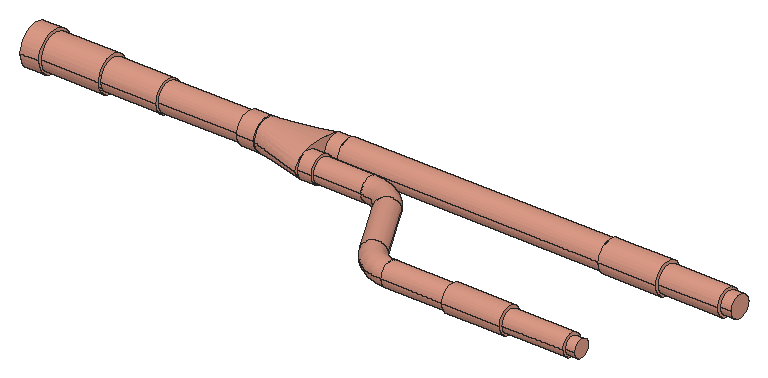
Revit family "outputfile", category 配管付属品, Revit 2024
Family settings
  丸型コネクタ寸法 = 半径を使用
  パーツ タイプ = 標準
  OmniClass 番号 = 23.65.55.00
  OmniClass タイトル = Distribution of Supplied Liquids/Gases
  作業面ベース = いいえ
  常に垂直 = はい
  ロード時にボイドで切り取り = いいえ
  共有 = いいえ
Parameters (values of type "KHRP25A72T + KHRP25M72TP")
  Description = ""
  製造元 = "Daikin"
  書き出し IFC クラス(タイプ) = "IfcPipeFittingType"
  定義済み IFC タイプ(タイプ) = "JUNCTION"
  Cost = 0
  Type Comments = ""
  Keynote = ""
  Type Image = (empty or 0)
  Assembly Code = ""
  mm⇔inch [instance] = yes
  Default Elevation = 0.0 mm
  モデル = "KHRP25A72T + KHRP25M72TP"
  table_StraightPipe [instance] = if(mm⇔inch, "Refnet Joint_KHRP25A-T_HPLPGas_StraightPipe", "Refnet Joint_KHRP25A-T_HPLPGas_StraightPipe_inch")  # "Refnet Joint_KHRP25A-T_HPLPGas_StraightPipe"
  table_BranchPipe [instance] = if(mm⇔inch, "Refnet Joint_KHRP25A-T_HPLPGas_BranchPipe", "Refnet Joint_KHRP25A-T_HPLPGas_BranchPipe_inch")  # "Refnet Joint_KHRP25A-T_HPLPGas_BranchPipe"
  table_Inlet [instance] = if(mm⇔inch, "Refnet Joint_KHRP25A-T_HPLPGas_Inlet", "Refnet Joint_KHRP25A-T_HPLPGas_Inlet_inch")  # "Refnet Joint_KHRP25A-T_HPLPGas_Inlet"
  switch_StraightPipe_Reducer [instance] = if(Is_StraightPipe Reducer = 1, 1 = 1, 1 = 0)  # no
  switch_StraightPipe3 [instance] = if(number_StraightPipe = 3, 1 = 1, 1 = 0)  # yes
  switch_StraightPipe2 [instance] = if(number_StraightPipe < 2, 1 = 0, 1 = 1)  # yes
  switch_BranchPipe_Reducer [instance] = if(Is_BranchPipe Reducer = 1, 1 = 1, 1 = 0)  # no
  switch_BranchPipe3 [instance] = if(number_BranchPipe = 3, 1 = 1, 1 = 0)  # yes
  switch_BranchPipe2 [instance] = if(number_BranchPipe < 2, 1 = 0, 1 = 1)  # yes
  switch_Inlet pipe_Reducer [instance] = if(Is_Inlet Reducer = 1, 1 = 1, 1 = 0)  # no
  switch_Inlet pipe3 [instance] = if(number_InletPipe = 3, 1 = 1, 1 = 0)  # yes
  switch_Inlet pipe2 [instance] = if(number_InletPipe < 2, 1 = 0, 1 = 1)  # yes
  Uniclass2015Version = "Products v1.31"
  Uniclass2015Title = "Copper pipe fittings"
  Uniclass2015Code = "Pr_65_52_63_18"
  URL = ""
  StraightPipe_HP/LP Gas_ActualDiameter [instance] = 12.7 mm
  Material_Piping = DAIKIN_Copper_Pipe
  Material_Insulation = DAIKIN_White_Insulation
  lw_Insulation [instance] = size_lookup(table_Inlet, "lw_Insulation", 60.0 mm, モデル)  # 66.0 mm
  Unit Type = "KHRP25A-T_HPLPGas"
  Tag No. [instance] = ""
  StraightPipe_HP/LP Gas_Status [instance] = size_lookup(table_StraightPipe, "Information", "The connected pipe size is not available.", モデル, [StraightPipe_HP/LP Gas_ActualDiameter])  # "Default connector size is used."
  Link_Nested Family [instance] = ""
  Inlet_HP/LP Gas_Actual Diameter [instance] = 25.4 mm
  IfcVersion = ""
  IfcExportType = "JUNCTION"
  IfcExportAs = "IfcPipeFittingType"
  BranchPipe_HP/LP Gas_Status [instance] = size_lookup(table_BranchPipe, "Information", "The connected pipe size is not available.", モデル, [BranchPipe_HP/LP Gas_ActualDiameter])  # "Default connector size is used."
  Inlet_HP/LP Gas_Status [instance] = size_lookup(table_Inlet, "Information", "The connected pipe size is not available.", モデル, [Inlet_HP/LP Gas_Actual Diameter])  # "Default connector size is used."
  Series = "Refnet Joint"
  O.R_dividePipe_Inlet [instance] = (I.D_InletPipe1 + 2.0 mm) / 2  # 10.55 mm
  r_StraightPipe_Connector [instance] = [StraightPipe_HP/LP Gas_ActualDiameter] / 2  # 6.35 mm
  r_BranchPipe_Connector [instance] = [BranchPipe_HP/LP Gas_ActualDiameter] / 2  # 4.75 mm
  r_Inlet_Connector [instance] = [Inlet_HP/LP Gas_Actual Diameter] / 2  # 12.7 mm
  number_StraightPipe [instance] = size_lookup(table_StraightPipe, "pipeNumber", 3, モデル, [StraightPipe_HP/LP Gas_ActualDiameter])  # 3
  number_BranchPipe [instance] = size_lookup(table_BranchPipe, "pipeNumber", 2, モデル, [BranchPipe_HP/LP Gas_ActualDiameter])  # 3
  number_InletPipe [instance] = size_lookup(table_Inlet, "pipeNumber", 2, モデル, [Inlet_HP/LP Gas_Actual Diameter])  # 3
  r_BranchPipeR [instance] = size_lookup(table_BranchPipe, "r_offsetPipeR", 20.0 mm, モデル, [BranchPipe_HP/LP Gas_ActualDiameter])  # 25.0 mm
  l_BranchPipe_Straight2 [instance] = size_lookup(table_BranchPipe, "L_offsetPipe2", 40.0 mm, モデル)  # 43.0 mm
  l_BranchPipe_Straight1 [instance] = size_lookup(table_BranchPipe, "L_offsetPipe1", 5.5 mm, モデル)  # 33.7 mm
  l_BranchPipe connector [instance] = size_lookup(table_BranchPipe, "Length", 165.0 mm, モデル, [BranchPipe_HP/LP Gas_ActualDiameter])  # 244.0 mm
  l_inlet connector [instance] = size_lookup(table_Inlet, "Length", 97.0 mm, モデル, [Inlet_HP/LP Gas_Actual Diameter])  # 160.0 mm
  l_dividePipe [instance] = size_lookup(table_Inlet, "L_devidePipe", 38.0 mm, モデル)  # 38.0 mm
  l_StraightPipeReducer [instance] = size_lookup(table_StraightPipe, "L_Reducer", 100.0 mm, モデル, [StraightPipe_HP/LP Gas_ActualDiameter])  # 100.0 mm
  l_StraightPipe3 [instance] = size_lookup(table_StraightPipe, "L_Pipe3", 8.0 mm, モデル)  # 8.0 mm
  l_StraightPipe2 [instance] = size_lookup(table_StraightPipe, "L_Pipe2", 42.0 mm, モデル)  # 42.0 mm
  l_StraightPipe1 [instance] = size_lookup(table_StraightPipe, "L_Pipe1", 40.0 mm, モデル)  # 40.0 mm
  l_StraightPipe0 [instance] = size_lookup(table_StraightPipe, "L_Pipe0", 105.0 mm, モデル)  # 182.0 mm
  l_StraightPipe connector [instance] = size_lookup(table_StraightPipe, "Length", 205.0 mm, モデル, [StraightPipe_HP/LP Gas_ActualDiameter])  # 282.0 mm
  l_BranchPipe Reducer [instance] = size_lookup(table_BranchPipe, "L_Reducer", 80.0 mm, モデル, [BranchPipe_HP/LP Gas_ActualDiameter])  # 80.0 mm
  l_BranchPipe3 [instance] = size_lookup(table_BranchPipe, "L_Pipe3", 2.0 mm, モデル)  # 7.0 mm
  l_BranchPipe2 [instance] = size_lookup(table_BranchPipe, "L_Pipe2", 7.0 mm, モデル)  # 43.0 mm
  l_BranchPipe1 [instance] = size_lookup(table_BranchPipe, "L_Pipe1", 43.0 mm, モデル)  # 40.0 mm
  l_BranchPipe0 [instance] = size_lookup(table_BranchPipe, "L_Pipe0", 105.0 mm, モデル)  # 144.0 mm
  l_InletReducer [instance] = size_lookup(table_Inlet, "L_Reducer", 60.0 mm, モデル, [Inlet_HP/LP Gas_Actual Diameter])  # 100.0 mm
  l_InletPipe3 [instance] = size_lookup(table_Inlet, "L_Pipe3", 2.0 mm, モデル)  # 13.0 mm
  l_InletPipe2 [instance] = size_lookup(table_Inlet, "L_Pipe2", 8.0 mm, モデル)  # 40.0 mm
  l_InletPipe1 [instance] = size_lookup(table_Inlet, "L_Pipe1", 42.0 mm, モデル)  # 39.0 mm
  l_InletPipe0 [instance] = size_lookup(table_Inlet, "L_Pipe0", 35.0 mm, モデル)  # 56.0 mm
  center_StraightPipe [instance] = size_lookup(table_StraightPipe, "center_Pipe", 8.5 mm, モデル)  # 11.7 mm
  center_BranchPipe2 [instance] = size_lookup(table_BranchPipe, "center_OffsetPipe", 71.5 mm, モデル)  # 78.3 mm
  center_BranchPipe1 [instance] = size_lookup(table_BranchPipe, "center_Pipe", 8.5 mm, モデル)  # 11.7 mm
  StraightPipe_HP/LP Gas_AvailableDiameter [instance] = size_lookup(table_StraightPipe, "sizeVariation", "", モデル)  # "12.7/15.9/19.1/22.2/25.4mm"
  BranchPipe_HP/LP Gas_AvailableDiameter [instance] = size_lookup(table_BranchPipe, "sizeVariation", "", モデル)  # "9.5/12.7/15.9/19.1mm"
  Inlet_HP/LP Gas_Available Diameter [instance] = size_lookup(table_Inlet, "sizeVariation", "", モデル)  # "19.1/22.2/25.4/28.6mm"
  O.D_StraightPipe Reducer [instance] = size_lookup(table_StraightPipe, "O.D_reducer", 2.0 mm, モデル, [StraightPipe_HP/LP Gas_ActualDiameter])  # 2.0 mm
  O.D_Offset Outlet Reducer [instance] = size_lookup(table_BranchPipe, "O.D_reducer", 2.0 mm, モデル, [BranchPipe_HP/LP Gas_ActualDiameter])  # 2.0 mm
  O.D_Inlet Reducer [instance] = size_lookup(table_Inlet, "O.D_reducer", 2.0 mm, モデル, [Inlet_HP/LP Gas_Actual Diameter])  # 2.0 mm
  Is_StraightPipe Reducer [instance] = size_lookup(table_StraightPipe, "IsReducer", 0, モデル, [StraightPipe_HP/LP Gas_ActualDiameter])  # 0
  Is_BranchPipe Reducer [instance] = size_lookup(table_BranchPipe, "IsReducer", 0, モデル, [BranchPipe_HP/LP Gas_ActualDiameter])  # 0
  Is_Inlet Reducer [instance] = size_lookup(table_Inlet, "IsReducer", 0, モデル, [Inlet_HP/LP Gas_Actual Diameter])  # 0
  BranchPipe_HP/LP Gas_ActualDiameter [instance] = 9.5 mm
  Attach_Insulation [instance] = no
  I.D_StraightPipe3 [instance] = size_lookup(table_StraightPipe, "I.D_PipeSize3", 9.5 mm, モデル)  # 12.7 mm
  I.D_StraightPipe2 [instance] = size_lookup(table_StraightPipe, "I.D_PipeSize2", 12.7 mm, モデル)  # 15.9 mm
  I.D_StraightPipe1 [instance] = size_lookup(table_StraightPipe, "I.D_PipeSize1", 15.9 mm, モデル)  # 19.1 mm
  I.D_StraightPipe0 [instance] = size_lookup(table_StraightPipe, "I.D_PipeSize0", 13.9 mm, モデル)  # 17.1 mm
  I.D_BranchPipe3 [instance] = size_lookup(table_BranchPipe, "I.D_PipeSize3", 2.0 mm, モデル)  # 9.5 mm
  I.D_BranchPipe2 [instance] = size_lookup(table_BranchPipe, "I.D_PipeSize2", 9.5 mm, モデル)  # 12.7 mm
  I.D_BranchPipe1 [instance] = size_lookup(table_BranchPipe, "I.D_PipeSize1", 12.7 mm, モデル)  # 15.9 mm
  I.D_BranchPipe0 [instance] = size_lookup(table_BranchPipe, "I.D_PipeSize0", 10.7 mm, モデル)  # 13.9 mm
  I.D_Straight Reducer [instance] = size_lookup(table_StraightPipe, "I.D_reducer", 2.0 mm, モデル, [StraightPipe_HP/LP Gas_ActualDiameter])  # 2.0 mm
  I.D_OutletPipe [instance] = size_lookup(table_Inlet, "I.D_OutletPipeSize", 13.3 mm, モデル, [Inlet_HP/LP Gas_Actual Diameter])  # 16.0 mm
  I.D_Branch Reducer [instance] = size_lookup(table_BranchPipe, "I.D_reducer", 2.0 mm, モデル, [BranchPipe_HP/LP Gas_ActualDiameter])  # 2.0 mm
  I.D_Inlet Reducer [instance] = size_lookup(table_Inlet, "I.D_reducer", 2.0 mm, モデル, [Inlet_HP/LP Gas_Actual Diameter])  # 2.0 mm
  I.D_InletPipe3 [instance] = size_lookup(table_Inlet, "I.D_PipeSize3", 2.0 mm, モデル)  # 25.4 mm
  I.D_InletPipe2 [instance] = size_lookup(table_Inlet, "I.D_PipeSize2", 12.7 mm, モデル)  # 22.2 mm
  I.D_InletPipe1 [instance] = size_lookup(table_Inlet, "I.D_PipeSize1", 15.9 mm, モデル)  # 19.1 mm
  I.D_InletPipe0 [instance] = size_lookup(table_Inlet, "I.D_PipeSize0", 13.9 mm, モデル)  # 17.1 mm
Reference planes
  plane 1 "Center (Front/Back)": y = 0
  plane 2: z = 0
  plane 3 "base_left": x = 0
  plane 4: x = 13
  plane 5: x = 53
  plane 6: x = 92
  plane 7: x = 148
  plane 8: x = 160
  plane 9: x = 198
  plane 10: x = 208
  plane 11 "center_straight outlet": y = 11.7
  plane 12 "center2_offset outlet": y = -78.3
  plane 13 "center1_offset outlet": y = -11.7
  plane 14: x = 390
  plane 15: x = 430
  plane 16: x = 472
  plane 17: x = 352
  plane 18: x = 392
  plane 19: x = 435
  plane 20: x = 480
  plane 21: x = 442
  plane 22 "Reducer_straightoutlet": x = 442
  plane 23: x = 480
  plane 24: y = -22.25
  plane 25: z = 10.55
  plane 26 "Inlet_connector": x = 0
  plane 27 "Left_Insulation": x = 94
Forms (mm)
  SweptBlend 1, solid, material "DAIKIN_Copper_Pipe" <- "Material_Piping"
    path origin (0, 0, 0) x (1, 0, 0) y (0, 1, 0)
      loop
        line (160, 0) -> (198, 0)
    profile origin (160, 0, 0) x (0, 1, 0) y (0, 0, 1)
      loop
        circle (0, 0) r 10.55
    end profile origin (198, 0, 0) x (0, 1, 0) y (0, 0, 1)
      loop
        spline (-22.25, 0) -> (-21.492, -2.731) -> (-19.269, -5.275) -> (-15.733, -7.46) -> (-11.125, -9.137) -> (-5.759, -10.191) -> (0, -10.55) -> (5.759, -10.191) -> (11.125, -9.137) -> (15.733, -7.46) -> (19.269, -5.275) -> (21.492, -2.731) -> (22.25, 0)
        spline (22.25, 0) -> (21.492, 2.731) -> (19.269, 5.275) -> (15.733, 7.46) -> (11.125, 9.137) -> (5.759, 10.191) -> (0, 10.55) -> (-5.759, 10.191) -> (-11.125, 9.137) -> (-15.733, 7.46) -> (-19.269, 5.275) -> (-21.492, 2.731) -> (-22.25, 0)
Dimensions and locks
  "l_InletPipe3": plane 3 "base_left" to plane 4
  "l_InletPipe2": plane 4 to plane 5
  "l_InletPipe1": plane 5 to plane 6
  "l_InletPipe0": plane 6 to plane 7
  locked: plane 7 to plane 8 at 12
  "center_StraightPipe": plane 1 "Center (Front/Back)" to plane 11 "center_straight outlet"
  "center_BranchPipe2": plane 12 "center2_offset outlet" to plane 1 "Center (Front/Back)"
  "center_BranchPipe1": plane 13 "center1_offset outlet" to plane 1 "Center (Front/Back)"
  "l_dividePipe": plane 8 to plane 9
  plane 9 to plane 10 = 10.0 mm
  "l_StraightPipe0": plane 10 to plane 14
  "l_BranchPipe0": plane 10 to plane 17
  "l_BranchPipe1": plane 17 to plane 18
  "l_BranchPipe2": plane 18 to plane 19
  "l_StraightPipe1": plane 14 to plane 15
  "l_StraightPipe2": plane 15 to plane 16
  "l_StraightPipe3": plane 16 to plane 20
  "l_BranchPipe3": plane 19 to plane 21
  "l_BranchPipe connector": plane 9 to plane 22 "Reducer_straightoutlet"
  "l_StraightPipe connector": plane 9 to plane 23
  "O.R_dividePipe_Inlet": plane 24 to plane 13 "center1_offset outlet"
  "O.R_dividePipe_Inlet": plane 25 to plane 2
  "l_inlet connector": plane 26 "Inlet_connector" to plane 8
  "lw_Insulation": plane 27 "Left_Insulation" to plane 8
  "O.R_dividePipe_Inlet": radius of SweptBlend 1 sketch curve
  aligned and locked: level to plane 2
  aligned and locked: plane 2 to nested 1
  aligned and locked: plane 3 "base_left" to nested 1
  aligned and locked: plane 1 "Center (Front/Back)" to nested 1
  aligned and locked: plane 4 to nested 2
  aligned and locked: plane 1 "Center (Front/Back)" to nested 2
  aligned and locked: plane 5 to nested 2
  aligned and locked: plane 5 to nested 3
  aligned and locked: plane 6 to nested 3
  aligned and locked: plane 6 to nested 4
  aligned and locked: nested 4 to plane 7
  aligned and locked: nested 5 to plane 7
  aligned and locked: nested 5 to plane 8
  aligned and locked: plane 8 to SweptBlend 1 sketch curve
  aligned and locked: plane 9 to SweptBlend 1 sketch curve
  aligned and locked: plane 2 to SweptBlend 1 sketch curve  (x2)
  aligned and locked: plane 1 "Center (Front/Back)" to SweptBlend 1 sketch curve  (x2)
  aligned and locked: nested 6 to plane 9
  aligned and locked: nested 7 to plane 9
  aligned and locked: nested 6 to plane 11 "center_straight outlet"
  aligned and locked: nested 7 to plane 13 "center1_offset outlet"
  aligned and locked: nested 7 to plane 10
  aligned and locked: nested 6 to plane 10
  aligned and locked: nested 8 to plane 10
  aligned and locked: plane 14 to nested 8
  aligned and locked: nested 8 to plane 11 "center_straight outlet"
  aligned and locked: plane 14 to nested 9
  aligned and locked: nested 9 to plane 11 "center_straight outlet"
  aligned and locked: plane 15 to nested 9
  aligned and locked: nested 10 to plane 11 "center_straight outlet"
  aligned and locked: plane 15 to nested 10
  aligned and locked: plane 16 to nested 10
  aligned and locked: nested 11 to plane 12 "center2_offset outlet"
  aligned and locked: plane 17 to nested 11
  aligned and locked: plane 18 to nested 11
  aligned and locked: nested 12 to plane 12 "center2_offset outlet"
  aligned and locked: plane 18 to nested 12
  aligned and locked: plane 19 to nested 12
  aligned and locked: nested 13 to plane 10
  aligned and locked: nested 13 to plane 13 "center1_offset outlet"
  aligned and locked: nested 13 to plane 12 "center2_offset outlet"
  aligned and locked: plane 8 to nested 14
  aligned and locked: plane 1 "Center (Front/Back)" to nested 14
  aligned and locked: plane 11 "center_straight outlet" to nested 15
  aligned and locked: nested 15 to plane 9
  aligned and locked: nested 16 to plane 9
  aligned and locked: plane 12 "center2_offset outlet" to nested 16
  aligned and locked: nested 17 to plane 1 "Center (Front/Back)"
  aligned and locked: plane 16 to nested 18
  aligned and locked: plane 20 to nested 18
  aligned and locked: plane 19 to nested 19
  aligned and locked: plane 21 to nested 19
  aligned and locked: nested 20 to plane 12 "center2_offset outlet"
  aligned and locked: plane 23 to nested 21
  aligned and locked: nested 21 to plane 11 "center_straight outlet"
  aligned and locked: plane 4 to nested 1
  aligned and locked: plane 24 to SweptBlend 1 sketch curve
  aligned and locked: plane 25 to SweptBlend 1 sketch curve
  aligned and locked: nested 19 to plane 12 "center2_offset outlet"
  aligned and locked: nested 18 to plane 11 "center_straight outlet"
  aligned and locked: nested 17 to plane 26 "Inlet_connector"
  aligned and locked: plane 22 "Reducer_straightoutlet" to nested 20
  aligned and locked: nested 22 to plane 27 "Left_Insulation"
  aligned and locked: plane 1 "Center (Front/Back)" to nested 22
Automatic sketch dimensions
  plane 1 "Center (Front/Back)" to SweptBlend 1 sketch curve = 0.0 mm
Nested families
  nested 1: "daikin_Pipe" at (6.5, 0, 0), I.D_Pipe <- "I.D_InletPipe3", display <- "switch_Inlet pipe3", type "*"
    with length_Pipe 13.0 mm, display yes, O.D_Pipe 27.4 mm, I.D_Pipe 25.4 mm
  nested 2: "daikin_Pipe" at (33, 0, 0), I.D_Pipe <- "I.D_InletPipe2", display <- "switch_Inlet pipe2", type "*"
    with length_Pipe 40.0 mm, display yes, O.D_Pipe 24.2 mm, I.D_Pipe 22.2 mm
  nested 3: "daikin_Pipe" at (72.5, 0, 0), I.D_Pipe <- "I.D_InletPipe1", type "*"
    with length_Pipe 39.0 mm, display yes, O.D_Pipe 21.1 mm, I.D_Pipe 19.1 mm
  nested 4: "daikin_Pipe" at (120, 0, 0), I.D_Pipe <- "I.D_InletPipe0", type "*"
    with length_Pipe 56.0 mm, display yes, O.D_Pipe 19.1 mm, I.D_Pipe 17.1 mm
  nested 5: "daikin_Pipe" at (154, 0, 0), I.D_Pipe <- "I.D_InletPipe1", type "*"
    with length_Pipe 12.0 mm, display yes, O.D_Pipe 21.1 mm, I.D_Pipe 19.1 mm
  nested 6: "daikin_Pipe" at (203, 11.7, 0), I.D_Pipe <- "I.D_OutletPipe", type "*"
    with length_Pipe 10.0 mm, display yes, O.D_Pipe 18.0 mm, I.D_Pipe 16.0 mm
  nested 7: "daikin_Pipe" at (203, -11.7, 0), I.D_Pipe <- "I.D_OutletPipe", type "*"
    with length_Pipe 10.0 mm, display yes, O.D_Pipe 18.0 mm, I.D_Pipe 16.0 mm
  nested 8: "daikin_Pipe" at (299, 11.7, 0), I.D_Pipe <- "I.D_StraightPipe0", type "*"
    with length_Pipe 182.0 mm, display yes, O.D_Pipe 19.1 mm, I.D_Pipe 17.1 mm
  nested 9: "daikin_Pipe" at (410, 11.7, 0), I.D_Pipe <- "I.D_StraightPipe1", type "*"
    with length_Pipe 40.0 mm, display yes, O.D_Pipe 21.1 mm, I.D_Pipe 19.1 mm
  nested 10: "daikin_Pipe" at (451, 11.7, 0), I.D_Pipe <- "I.D_StraightPipe2", display <- "switch_StraightPipe2", type "*"
    with length_Pipe 42.0 mm, display yes, O.D_Pipe 17.9 mm, I.D_Pipe 15.9 mm
  nested 11: "daikin_Pipe" at (372, -78.3, 0), I.D_Pipe <- "I.D_BranchPipe1", type "*"
    with length_Pipe 40.0 mm, display yes, O.D_Pipe 17.9 mm, I.D_Pipe 15.9 mm
  nested 12: "daikin_Pipe" at (413.5, -78.3, 0), I.D_Pipe <- "I.D_BranchPipe2", display <- "switch_BranchPipe2", type "*"
    with length_Pipe 43.0 mm, display yes, O.D_Pipe 14.7 mm, I.D_Pipe 12.7 mm
  nested 13: "daikin_Pipe Ofsset" at (208, -11.7, 0), I.D_Pipe size <- "I.D_BranchPipe0", length_straight pipe1 <- "l_BranchPipe_Straight1", length_straight pipe2 <- "l_BranchPipe_Straight2", r_Pipe R <- "r_BranchPipeR", length_Pipe <- "l_BranchPipe0", type "*"
    with r_Pipe R 25.0 mm, length_straight pipe2 43.0 mm, length_straight pipe1 33.7 mm, length_offset center 66.6 mm, length_Pipe 144.0 mm, O.D_Pipe size 15.9 mm, I.D_Pipe size 13.9 mm
  nested 14: "daikin_connector_rotate2" at (160, 0, 0) x (0, -1, 0) z (0, 0, 1), length <- "l_inlet connector", type "daikin_connector_rotate2"
    with radius 5.0 mm, length 160.0 mm, angle_vertical 90.00°, locaton_mark no
  nested 15: "daikin_connector_rotate2" at (198, 11.7, 0) x (0, 1, 0) z (0, 0, 1), length <- "l_StraightPipe connector", type "daikin_connector_rotate2"
    with radius 5.0 mm, length 282.0 mm, angle_vertical 90.00°, locaton_mark no
  nested 16: "daikin_connector_rotate2" at (198, -78.3, 0) x (0, 1, 0) z (0, 0, 1), length <- "l_BranchPipe connector", type "daikin_connector_rotate2"
    with radius 5.0 mm, length 244.0 mm, angle_vertical 90.00°, locaton_mark no
  nested 17: "daikin_Pipe_reducer" at (50, 0, 0) x (-1, 0, 0) z (0, 0, 1), display <- "switch_Inlet pipe_Reducer", length_Pipe <- "l_InletReducer", I.D_Pipe1 <- "I.D_Inlet Reducer", O.D_Pipe2 <- "O.D_Inlet Reducer", type "*"
    with length_Pipe 100.0 mm, display no, O.D_Pipe2 2.0 mm, O.D_Pipe1 4.0 mm, I.D_Pipe2 0.0 mm, I.D_Pipe1 2.0 mm
  nested 18: "daikin_Pipe" at (476, 11.7, 0), I.D_Pipe <- "I.D_StraightPipe3", display <- "switch_StraightPipe3", type "*"
    with length_Pipe 8.0 mm, display yes, O.D_Pipe 14.7 mm, I.D_Pipe 12.7 mm
  nested 19: "daikin_Pipe" at (438.5, -78.3, 0), I.D_Pipe <- "I.D_BranchPipe3", display <- "switch_BranchPipe3", type "*"
    with length_Pipe 7.0 mm, display yes, O.D_Pipe 11.5 mm, I.D_Pipe 9.5 mm
  nested 20: "daikin_Pipe_reducer" at (402, -78.3, 0), I.D_Pipe1 <- "I.D_Branch Reducer", O.D_Pipe2 <- "O.D_Offset Outlet Reducer", length_Pipe <- "l_BranchPipe Reducer", display <- "switch_BranchPipe_Reducer", type "*"
    with length_Pipe 80.0 mm, display no, O.D_Pipe2 2.0 mm, O.D_Pipe1 4.0 mm, I.D_Pipe2 0.0 mm, I.D_Pipe1 2.0 mm
  nested 21: "daikin_Pipe_reducer" at (430, 11.7, 0), I.D_Pipe1 <- "I.D_Straight Reducer", O.D_Pipe2 <- "O.D_StraightPipe Reducer", length_Pipe <- "l_StraightPipeReducer", display <- "switch_StraightPipe_Reducer", type "*"
    with length_Pipe 100.0 mm, display no, O.D_Pipe2 2.0 mm, O.D_Pipe1 4.0 mm, I.D_Pipe2 0.0 mm, I.D_Pipe1 2.0 mm
  nested 22: "daikin_Insulation_RefnetJoint" at (94, 0, 0), I.D_Outlet PipeSize <- "I.D_OutletPipe", type "*"
    with h 48.0 mm, I.D_Outlet PipeSize 16.0 mm, r_Insulation 18.4 mm, h_Insulation 229.4 mm, d_Insulation3_3 74.9 mm, d_Insulation1_1 26.5 mm, w_Insulation5 238.0 mm, w_Insulation4 59.7 mm, w_Insulation3 48.7 mm, w_Insulation2 93.9 mm, w_Insulation1 33.0 mm, d_Insulation3 68.4 mm, d_Insulation1 26.5 mm
Connectors
  piping at (0, 0, 0), diameter 25.4, driven by "r_Inlet_Connector"
    settings: on nested 14, index 1, connector inside diameter 609.6 mm, connector length 0.0 mm, flow factor 0, pipe flow 0.00 m³/h, pressure drop 0.0 Pa, fitting loss kfactor 0, connector angle 0.00°, fixture units 0, engagement length 0.0 mm, angle of deflection 0.00°, flow configuration 0, flow direction 0, fitting loss method 0, system type 29, joint type 0, gender type 0, connector reference index -1, connector utility 0, adjustable connector no, is connector primary yes, connector description "Refnet Joint_Inlet_HP/LP Gas"
  piping at (442, -78.3, 0), diameter 9.5, driven by "r_BranchPipe_Connector"
    settings: on nested 16, index 2, connector inside diameter 609.6 mm, connector length 0.0 mm, flow factor 0, pipe flow 0.00 m³/h, pressure drop 0.0 Pa, fitting loss kfactor 0, connector angle 0.00°, fixture units 0, engagement length 0.0 mm, angle of deflection 0.00°, flow configuration 0, flow direction 0, fitting loss method 0, system type 29, joint type 0, gender type 0, connector reference index -1, connector utility 0, adjustable connector no, is connector primary no, connector description "Refnet Joint_Outlet Branch_HP/LP Gas"
  piping at (480, 11.7, 0), diameter 12.7, driven by "r_StraightPipe_Connector"
    settings: on nested 15, index 3, connector inside diameter 609.6 mm, connector length 0.0 mm, flow factor 0, pipe flow 0.00 m³/h, pressure drop 0.0 Pa, fitting loss kfactor 0, connector angle 0.00°, fixture units 0, engagement length 0.0 mm, angle of deflection 0.00°, flow configuration 0, flow direction 0, fitting loss method 0, system type 29, joint type 0, gender type 0, connector reference index -1, connector utility 0, adjustable connector no, is connector primary no, connector description "Refnet Joint_Outlet Straight_HP/LP Gas"
Definition of nested family "daikin_Pipe"
  Parameters (values of type "*")
    Default Elevation = 0.0 mm
    material = none
    length_Pipe [instance] = 150.0 mm
    display [instance] = yes
    O.D_Pipe [instance] = I.D_Pipe + 2.0 mm  # 27.0 mm
    I.D_Pipe [instance] = 25.0 mm
  Reference planes
    plane 1 "Center (Front/Back)": y = 0
    plane 2 "center(vertical)": z = 0
    plane 3 "Center (Left/Right)": x = 0
    plane 4 "left": x = -75
    plane 5 "right": x = 75
  Forms (mm)
    Extrusion 1, solid, material <- "material", visible <- "display"
      sketch origin (0, 0, 0) x (0, 1, 0) y (0, 0, 1)
        loop
          circle (0, 0) r 13.5
      from -75 to 75
  Dimensions and locks
    equal spacing: plane 4 "left", plane 3 "Center (Left/Right)", plane 5 "right"
    "length_Pipe": plane 4 "left" to plane 5 "right"
    "O.D_Pipe": diameter of Extrusion 1 sketch curve
    aligned and locked: level to plane 2 "center(vertical)"
    aligned and locked: plane 2 "center(vertical)" to Extrusion 1 sketch curve
    aligned and locked: plane 1 "Center (Front/Back)" to Extrusion 1 sketch curve
    aligned and locked: plane 5 "right" to Extrusion 1
    aligned and locked: Extrusion 1 to plane 4 "left"
Definition of nested family "daikin_Pipe Ofsset"
  Parameters (values of type "*")
    Default Elevation = 0.0 mm
    r_Pipe R [instance] = 40.0 mm
    material = none
    length_straight pipe2 [instance] = 43.0 mm
    length_straight pipe1 [instance] = 5.0 mm
    length_offset center [instance] = 57.0 mm
    length_Pipe [instance] = 110.0 mm
    O.D_Pipe size [instance] = I.D_Pipe size + 2.0 mm  # 12.0 mm
    I.D_Pipe size [instance] = 10.0 mm
  Reference planes
    plane 1 "Center (Front/Back)": y = 0
    plane 2: z = 0
    plane 3 "Center (Left/Right)": x = 0
    plane 4: y = -57
    plane 5: x = 110
    plane 6: x = 67
    plane 7: x = 5
  Forms (mm)
    Sweep 1, solid, material <- "material"
      path origin (0, 0, 0) x (1, 0, 0) y (0, 1, 0)
        loop
          line (0, 0) -> (5, 0)
          arc (5, 0) -> (20.74, -3.227) -> (33.94, -12.387) r 40
          line (33.94, -12.387) -> (38.06, -44.613)
          arc (38.06, -44.613) -> (51.26, -53.773) -> (67, -57) r 40
          line (67, -57) -> (110, -57)
      profile origin (2.5, 0, 0) x (0, 1, 0) y (0, 0, 1)
        loop
          circle (0, 0) r 6
  Dimensions and locks
    "length_offset center": plane 4 to plane 1 "Center (Front/Back)"
    "length_straight pipe1": plane 3 "Center (Left/Right)" to plane 7
    "length_Pipe": plane 3 "Center (Left/Right)" to plane 5
    "length_straight pipe2": plane 6 to plane 5
    "O.D_Pipe size": diameter of Sweep 1 sketch curve
    "r_Pipe R": radius of Sweep 1 sketch curve  (x2)
    aligned and locked: level to plane 2
    aligned and locked: plane 1 "Center (Front/Back)" to Sweep 1 sketch curve
    aligned and locked: profile plane to Sweep 1 sketch curve
    aligned and locked: plane 5 to Sweep 1 sketch curve
    aligned and locked: plane 7 to Sweep 1 sketch curve
    aligned and locked: plane 6 to Sweep 1 sketch curve
  Automatic sketch dimensions
    plane 1 "Center (Front/Back)" to Sweep 1 sketch curve = 0.0 mm
    Sweep 1 sketch curve to plane 3 "Center (Left/Right)" = 0.0 mm
    plane 4 to Sweep 1 sketch curve = 0.0 mm
    plane 1 "Center (Front/Back)" to Sweep 1 sketch curve = 12.387 mm
    Sweep 1 sketch curve to plane 4 = 12.387 mm
Definition of nested family "daikin_connector_rotate2"
  Parameters (values of type "daikin_connector_rotate2")
    show_face = no
    radius [instance] = 10.0 mm
    locaton_mark = yes
    length [instance] = 600.0 mm
    d_surface = 10.0 mm
    angle_vertical [instance] = 90.00°
    Default Elevation = 0.0 mm
  Reference planes
    plane 1 "Center (Front/Back)": y = 0
    plane 2: z = 0
    plane 3 "Center (Left/Right)": x = 0
  Forms (mm)
    Extrusion 1, solid, visible <- "show_face"
      sketch origin (0, -600, 0) x (1, 0, 0) y (0, 0, 1)
        loop
          circle (0, 0) r 10
      from 0 to -10
  Lines and regions (mm)
    reference lines
      curve 1: line (0, 0, 0) -> (0, -600, 0)
    symbolic lines, visible <- "locaton_mark"
      curve 2: circle (0, 0, 0) r 5 normal (0, 0, 1)
    model lines, visible <- "show_face"
      curve 3: line (0, 0, 0) -> (0, -600, 0)
  Dimensions and locks
    "length": curve 1 to curve 1
    "length": curve 3 to curve 3
    "d_surface": Extrusion 1 to Extrusion 1
    "radius": radius of Extrusion 1 sketch curve
    "angle_vertical": angle curve 1 to plane 1 "Center (Front/Back)"
    "angle_vertical": angle curve 3 to plane 1 "Center (Front/Back)"
    aligned and locked: level to plane 2
    aligned and locked: plane 1 "Center (Front/Back)" to curve 1
    aligned and locked: plane 2 to curve 1
    aligned and locked: plane 1 "Center (Front/Back)" to curve 2
    aligned and locked: plane 3 "Center (Left/Right)" to curve 2
    aligned and locked: plane 1 "Center (Front/Back)" to curve 3
    aligned and locked: plane 2 to curve 3
    aligned and locked: Extrusion 1 to Extrusion 1
  Automatic sketch dimensions
    Extrusion 1 sketch curve to level = 0.0 mm
    Extrusion 1 sketch curve to plane 3 "Center (Left/Right)" = 0.0 mm
    radius of curve 2 = 5.0 mm
Definition of nested family "daikin_Pipe_reducer"
  Parameters (values of type "*")
    Default Elevation = 0.0 mm
    material = none
    length_Pipe [instance] = 250.0 mm
    display [instance] = yes
    O.D_Pipe2 [instance] = 19.1 mm
    O.D_Pipe1 [instance] = I.D_Pipe1 + 2.0 mm  # 24.2 mm
    I.D_Pipe2 [instance] = O.D_Pipe2 - 2.0 mm  # 17.1 mm
    I.D_Pipe1 [instance] = 22.2 mm
  Reference planes
    plane 1 "Center (Front/Back)": y = 0
    plane 2 "center(vertical)": z = 0
    plane 3 "Center (Left/Right)": x = 0
    plane 4 "connection": x = -125
    plane 5 "right": x = 113
    plane 6: x = 125
  Forms (mm)
    Extrusion 1, solid, material <- "material", visible <- "display"
      sketch origin (0, 0, 0) x (0, 1, 0) y (0, 0, 1)
        loop
          circle (0, 0) r 9.55
      from -125 to 113
    Extrusion 2, solid, material <- "material", visible <- "display"
      sketch origin (0, 0, 0) x (0, 1, 0) y (0, 0, 1)
        loop
          circle (0, 0) r 12.1
      from 113 to 125
  Dimensions and locks
    locked: plane 5 "right" to plane 6 at 12
    "length_Pipe": plane 4 "connection" to plane 6
    equal spacing: plane 4 "connection", plane 3 "Center (Left/Right)", plane 6
    "O.D_Pipe2": diameter of Extrusion 1 sketch curve
    "O.D_Pipe1": diameter of Extrusion 2 sketch curve
    aligned and locked: level to plane 2 "center(vertical)"
    aligned and locked: plane 2 "center(vertical)" to Extrusion 1 sketch curve
    aligned and locked: plane 1 "Center (Front/Back)" to Extrusion 1 sketch curve
    aligned and locked: plane 5 "right" to Extrusion 1
    aligned and locked: Extrusion 1 to plane 4 "connection"
    aligned and locked: plane 2 "center(vertical)" to Extrusion 2 sketch curve
    aligned and locked: plane 1 "Center (Front/Back)" to Extrusion 2 sketch curve
    aligned and locked: Extrusion 2 to plane 5 "right"
    aligned and locked: plane 6 to Extrusion 2
Definition of nested family "daikin_Insulation_RefnetJoint"
  Parameters (values of type "*")
    r_Insulation = size_lookup(table_Insulation, "r_Insulation", 13.5 mm, Model)  # 13.5 mm
    h_Insulation = size_lookup(table_Insulation, "h_Insulation", 202.5 mm, Model)  # 202.5 mm
    d_Insulation3_3 = size_lookup(table_Insulation, "d_Insulation3_3", 68.0 mm, Model)  # 68.0 mm
    d_Insulation2_2 = size_lookup(table_Insulation, "d_Insulation2_2", 39.5 mm, Model)  # 39.5 mm
    d_Insulation1_1 = size_lookup(table_Insulation, "d_Insulation1_1", 28.0 mm, Model)  # 28.0 mm
    Default Elevation = 0.0 mm
    Model = "KHRP25A22T"
    w_Insulation5 = size_lookup(table_Insulation, "w_Insulation5", 212.0 mm, Model)  # 212.0 mm
    w_Insulation4 = size_lookup(table_Insulation, "w_Insulation4", 67.0 mm, Model)  # 67.0 mm
    w_Insulation3 = size_lookup(table_Insulation, "w_Insulation3", 34.7 mm, Model)  # 34.7 mm
    w_Insulation2 = size_lookup(table_Insulation, "w_Insulation2", 80.0 mm, Model)  # 80.0 mm
    w_Insulation1 = size_lookup(table_Insulation, "w_Insulation1", 22.0 mm, Model)  # 22.0 mm
    table_Insulation = "Refnet Joint_KHRP25A-T_HPLPGas_Insulation"  # constant formula
    material = none
    h [instance] = (I.D_Outlet PipeSize + 2.0 mm) + 30.0 mm  # 47.0 mm
    display = no
    d_Insulation3 = size_lookup(table_Insulation, "d_Insulation3", 63.5 mm, Model)  # 63.5 mm
    d_Insulation2 = size_lookup(table_Insulation, "d_Insulation2", 39.5 mm, Model)  # 39.5 mm
    d_Insulation1 = size_lookup(table_Insulation, "d_Insulation1", 28.0 mm, Model)  # 28.0 mm
    I.D_Outlet PipeSize [instance] = 15.0 mm
  Reference planes
    plane 1 "Center (Front/Back)": y = 0
    plane 2: z = 0
    plane 3 "Left": x = 0
    plane 4 "top": z = 23.5
    plane 5 "bottom": z = -23.5
    plane 6: x = 22
    plane 7: x = 80
    plane 8: y = 28
    plane 9: y = -28
    plane 10: y = 39.5
    plane 11: y = -39.5
    plane 12: y = -92
    plane 13: x = 212
    plane 14: y = -28.5
    plane 15: x = 114.7
    plane 16: x = 145
    plane 17: x = 202.5
  Forms (mm)
    Extrusion 1, solid, material <- "material", visible <- "display"
      sketch origin (0, 0, 0) x (1, 0, 0) y (0, 1, 0)
        loop
          line (22, 28) -> (0, 28) -> (0, -28) -> (22, -28) -> (80, -39.5) -> (114.7, -39.5) -> (145, -92) -> (212, -92) -> (212, -42) -> (202.5, -42)
          arc (202.5, -42) -> (189, -28.5) -> (202.5, -15) r 13.5
          line (202.5, -15) -> (212, -15) -> (212, 39.5) -> (80, 39.5) -> (22, 28)
      from -23.5 to 23.5
  Dimensions and locks
    equal spacing: plane 4 "top", plane 2, plane 5 "bottom"
    "h": plane 4 "top" to plane 5 "bottom"
    "w_Insulation1": plane 3 "Left" to plane 6
    "w_Insulation2": plane 3 "Left" to plane 7
    "w_Insulation5": plane 3 "Left" to plane 13
    "w_Insulation3": plane 7 to plane 15
    "w_Insulation4": plane 16 to plane 13
    "d_Insulation1": plane 1 "Center (Front/Back)" to plane 9
    "d_Insulation1_1": plane 8 to plane 1 "Center (Front/Back)"
    "d_Insulation2": plane 1 "Center (Front/Back)" to plane 11
    "d_Insulation2_2": plane 10 to plane 1 "Center (Front/Back)"
    "d_Insulation3_3": plane 10 to plane 14
    "d_Insulation3": plane 14 to plane 12
    "r_Insulation": Extrusion 1 sketch curve to plane 14
    "r_Insulation": plane 14 to Extrusion 1 sketch curve
    "h_Insulation": plane 3 "Left" to plane 17
    "r_Insulation": radius of Extrusion 1 sketch curve
    aligned and locked: level to plane 2
    aligned and locked: Extrusion 1 to plane 5 "bottom"
    aligned and locked: plane 4 "top" to Extrusion 1
    aligned and locked: plane 6 to Extrusion 1  (x2)
    aligned and locked: plane 7 to Extrusion 1  (x2)
    aligned and locked: plane 6 to Extrusion 1 sketch curve
    aligned and locked: plane 11 to Extrusion 1 sketch curve
    aligned and locked: plane 7 to Extrusion 1 sketch curve  (x2)
    aligned and locked: plane 10 to Extrusion 1 sketch curve
    aligned and locked: Extrusion 1 sketch curve to plane 12
    aligned and locked: Extrusion 1 sketch curve to plane 13  (x2)
    aligned and locked: plane 16 to Extrusion 1 sketch curve
    aligned and locked: plane 15 to Extrusion 1 sketch curve
    aligned and locked: plane 17 to Extrusion 1 sketch curve
  Automatic sketch dimensions
    Extrusion 1 sketch curve to plane 3 "Left" = 0.0 mm
    Extrusion 1 sketch curve to plane 6 = 0.0 mm
    Extrusion 1 sketch curve to plane 9 = 0.0 mm
    Extrusion 1 sketch curve to plane 8 = 0.0 mm
